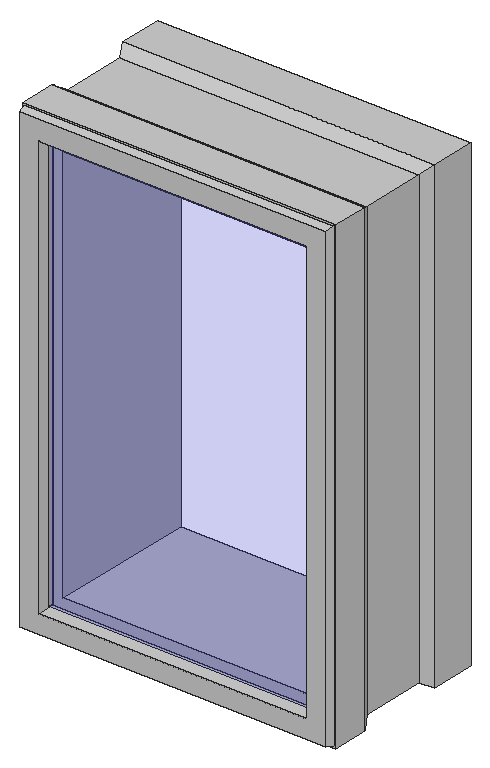
Revit family "WCW_A3-460wX690h-Winblok", category Windows, host Wall, Revit 2016
Family settings
  Host = Wall
  Always vertical = Yes
  Cut with Voids When Loaded = No
  Shared = No
  Room Calculation Point = No
Parameters (values of type "460w X 690h WBWCRV Winblok")
  URL = "http://www.winblok.co.za"
  Model = "Vertical Rectangle"
  Material glass = Glass
  Material frame = Default Concrete Frame
  Manufacturer Code = "WBWCRV"
  Manufacturer = "Winblok"
  Inset = 110 mm
  Height = 690 mm
  Head Height = 2125 mm
  Wall Closure = By host
  Width = 460 mm
  Construction Type = "Concrete"
  Assembly Code = ""
Reference planes
  plane 1 "centre line": y = 0
  plane 2 "Center (Left/Right)": x = 0
  plane 3 "Left": x = -230
  plane 4 "Right": x = 230
  plane 5 "Sill": z = 1435
  plane 6 "Head": z = 2125
  plane 7 "Exterior": y = 110
  plane 8 "Interior": y = -110
  plane 9 "Glass": y = -100
Forms (mm)
  Sweep 1, solid, material "Default Concrete Frame" <- "Material frame", detail levels medium+fine
    path origin (0, 0, 0) x (1, 0, 0) y (0, 0, 1)
      loop
        line (230, 1435) -> (230, 2125) -> (-230, 2125) -> (-230, 1435) -> (230, 1435)
    profile "400 Profile : 400 Profile" origin (0, 0, 1435) x (0, 0, -1) y (0, -1, 0)
      loop
        line (0, -138) -> (0, -73) -> (-10, -55.679) -> (-10, 39.679) -> (0, 57) -> (0, 110) -> (-2, 110) -> (-5.215, 122) -> (-33, 122) -> (-35, 100) -> (-50, 100) -> (-33, -138) -> (0, -138)
  Extrusion 2, solid, material "Glass" <- "Material glass", detail levels medium+fine
    sketch origin (0, -100, 0) x (1, 0, 0) y (0, 0, 1)
      loop
        line (195, 2090) -> (-195, 2090) -> (-195, 1470) -> (195, 1470) -> (195, 2090)
    from 6 to 0
Lines and regions (mm)
  Opening 1
    outline origin (3500, -110, 0) x (1, 0, 0) y (0, 0, 1)
      loop
        line (-3270, 1435) -> (-3270, 2125) -> (-3730, 2125) -> (-3730, 1435) -> (-3270, 1435)
  symbolic lines, style "WindowsFrameMullionProjection", detail levels coarse
    curve 1: line (-230, 0, 0) -> (230, 0, 0)
    curve 2: line (0, 0, 2125) -> (0, 0, 1435)
Text (mm)
  text "EXTERIOR" at (-1963.203, 1332.353, 0), in view "Ref. Level"
  text "INTERIOR" at (-1981.466, -818.386, 0), in view "Ref. Level"
  text "Exterior" at (0, 923.751, 2943.296), in view "Right"
  text "Exterior" at (0, 1040.484, 2685.409), in view "Left"
Dimensions and locks
  equal spacing: plane 3 "Left", plane 2 "Center (Left/Right)", plane 4 "Right"
  "Width": plane 3 "Left" to plane 4 "Right"
  "Height": plane 5 "Sill" to plane 6 "Head"
  "Head Height": plane 6 "Head" to level
  locked: plane 7 "Exterior" to host wall at 0
  locked: plane 8 "Interior" to host wall
  "Inset": plane 1 "centre line" to plane 7 "Exterior"
  locked: plane 9 "Glass" to plane 1 "centre line" at 100
  aligned and locked: plane 1 "centre line" to curve 1
  aligned and locked: plane 1 "centre line" to curve 2
Automatic sketch dimensions
  Opening 1 sketch curve to plane 3 "Left" = 0 mm
  Opening 1 sketch curve to plane 4 "Right" = 0 mm
  Opening 1 sketch curve to plane 5 "Sill" = 0 mm
  Opening 1 sketch curve to plane 6 "Head" = 0 mm
  curve 1 to plane 3 "Left" = 0 mm
  curve 1 to plane 4 "Right" = 0 mm
  curve 2 to plane 5 "Sill" = 0 mm
  curve 2 to plane 6 "Head" = 0 mm
  Sweep 1 sketch curve to plane 3 "Left" = 0 mm
  Sweep 1 sketch curve to plane 4 "Right" = 0 mm
  Sweep 1 sketch curve to plane 5 "Sill" = 0 mm
  Sweep 1 sketch curve to plane 6 "Head" = 0 mm
  Extrusion 2 sketch curve to plane 3 "Left" = 35 mm
  plane 4 "Right" to Extrusion 2 sketch curve = 35 mm
  Extrusion 2 sketch curve to plane 5 "Sill" = 35 mm
  plane 6 "Head" to Extrusion 2 sketch curve = 35 mm
